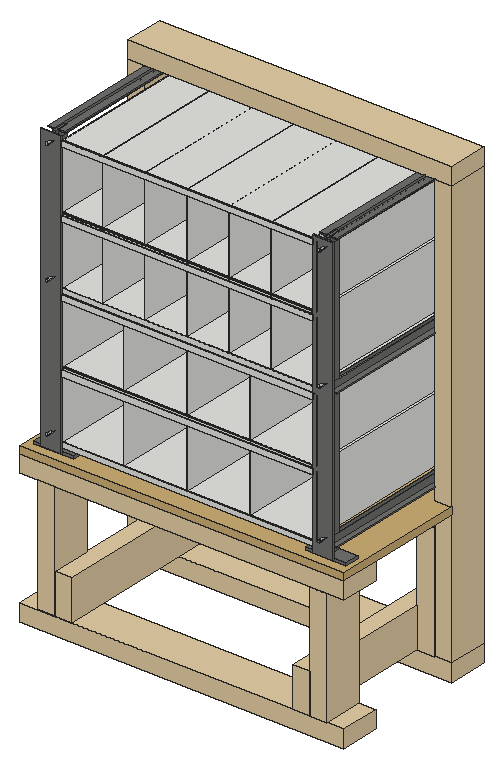
Revit family "Mailboxes_Aluminum-Rack_Ladder_System-Salsbury_Industries-2_Unit_High_Wall_Installation", category Specialty Equipment, host Wall, Revit 2016
Family settings
  Host = Wall
  Part Type = Normal
  Round Connector Dimension = Use Diameter
  OmniClass Number = 23.40.90.14.11
  OmniClass Title = Mail Boxes
  Always vertical = Yes
  Cut with Voids When Loaded = No
  Shared = No
  Room Calculation Point = No
Parameters (values of type "Single Column Installation-2200 Series Mailboxes-2 High")
  Version = "2.0 (06/30/18)"
  URL = "www.mailboxes.com"
  Type Comments = "Rack Ladder System for Aluminum Mailbox Units"
  Trim Material = Steel - Salsbury Finish - Black
  Starter and Add On Configuration (not applicable) = yes
  Starter Configuration (not applicable) = yes
  Rough Opening Width = 25.375"
  Rough Opening Height = 25.250"
  Rack Ladder Spacing = 23.875"
  Right RO Offset = 1.500"
  Rack Ladder Offset = 0.750"
  Rack Ladder Height = Rack Ladder Units : 2200C2
  Platform Material = Plywood
  OmniClass 23 Title = "Mail Boxes"
  OmniClass 23 Number = "23.40.90.14.11"
  Model = "2200 Series"
  MasterFormat Title = "Postal Specialties"
  MasterFormat Number = "10 55 00"
  Manufacturer = "Salsbury Industries"
  Lock Material = Stainless Steel -Salsbury Finish - Polished
  Left RO Offset = 1.500"
  Front Panel Material = Aluminum - Salsbury Finish - Aluminum
  End Column and Add On Configuration (not applicable) = yes
  Description = "2 Unit High  Installation - Single Column"
  Base Height [instance] = 13.780"
  Base Depth = 16.000"
  Back Enclosure Material = Steel - Salsbury Finish - Clear
  Assembly Code = "C1030910"
  2x4 Platform Support = Softwood, Lumber
  2200 Series Mailbox - Location 2 [instance] = 2200_Series_Aluminum_Mailboxes_Rack_Ladder_Units : 2212
  2200 Series Mailbox - Location 1 [instance] = 2200_Series_Aluminum_Mailboxes_Rack_Ladder_Units : 2208
Reference planes (in)
  plane 1 "Center of Wall": y = 0
  plane 2 "Center (Left/Right)": x = 0
  plane 3 "Front Face of Wall": y = 2.4375
  plane 4 "Left Side of RO": x = 12.6875
  plane 5 "Right Side of RO": x = -12.6875
  plane 6 "Top of RO": z = 39.03
  plane 7 "Bottom of RO": z = 13.78
  plane 8 "Back of Platform": y = -13.5625
  plane 9 "Floor": z = 0
  plane 10 "Back Face of Wall": y = -2.4375
  plane 11: y = -9.0625
  plane 12 "Base-Back Bottom Frame": z = 1.5
  plane 13 "Base-Back TopFrame": z = 11.655
  plane 14 "Base Center-Back TopFrame": z = 12.405
  plane 15 "Base Center-Back Bottom Frame": z = 0.75
  plane 16 "Bottom of Platform": z = 13.155
  plane 17 "Brace/Support Align-Right": x = -11.1875
  plane 18 "Brace/Support Align-Left": x = 11.1875
  plane 19 "Wall Opening Extension - Left": x = 14.1875
  plane 20 "Wall Opening Extension - Right": x = -14.1875
  plane 21 "Wall Opening Extension - Top": z = 40.53
  plane 22 "Right Rack Ladder Align": x = -11.9375
  plane 23 "Left Rack Ladder Align": x = 11.9375
  plane 24: z = 5
  plane 25: y = -1.75
  plane 26: y = 1.75
  plane 27 "Mail Align 1": z = 14.7175
  plane 28: z = 26.8425
  plane 29: z = 38.9675
  plane 30: z = 51.0925
  plane 31: z = 63.2175
  plane 32: z = 75.3425
  plane 33 "Center of Mailboxes": x = 0
  plane 34 "Mailbox Side Align": x = 11.5935
  plane 35: x = -12.6875
  plane 36: x = 12.6875
  plane 37: y = 2.0625
  plane 38: x = 9.6875
  plane 39: x = -9.6875
  plane 40: y = -10.0625
  plane 41 "15"AFF - Low Reach Limit": z = 15
Forms (in)
  Extrusion 1, void
    sketch origin (0, 0, 0) x (1, 0, 0) y (0, 0, 1)
      loop
        line (12.6875, 39.03) -> (-12.6875, 39.03) -> (-12.6875, 13.78) -> (12.6875, 13.78) -> (12.6875, 39.03)
    from -2.4375 to 2.4375
  Extrusion 2, void
    sketch origin (0, -2.4375, 0) x (-1, 0, 0) y (0, 0, 1)
      loop
        line (12.6875, 13.78) -> (-12.6875, 13.78) -> (-12.6875, 0) -> (12.6875, 0) -> (12.6875, 13.78)
    from 0 to 4.5
  Extrusion 3, solid, material "Softwood, Lumber" <- "2x4 Platform Support"
    sketch origin (0, 0, 0) x (1, 0, 0) y (0, 1, 0)
      loop
        line (14.1875, -13.5625) -> (14.1875, -10.0625) -> (-14.1875, -10.0625) -> (-14.1875, -13.5625) -> (14.1875, -13.5625)
    from 0 to 1.5
  Extrusion 4, solid, material "Softwood, Lumber" <- "2x4 Platform Support"
    sketch origin (0, 11.8125, 0) x (1, 0, 0) y (0, 1, 0)
      loop
        line (14.1875, -13.5625) -> (14.1875, -10.0625) -> (-14.1875, -10.0625) -> (-14.1875, -13.5625) -> (14.1875, -13.5625)
    from 0 to 1.5
  Extrusion 5, solid, material "Softwood, Lumber" <- "2x4 Platform Support"
    sketch origin (0, 0, 11.655) x (1, 0, 0) y (0, 1, 0)
      loop
        line (14.1875, -13.5625) -> (14.1875, -10.0625) -> (-14.1875, -10.0625) -> (-14.1875, -13.5625) -> (14.1875, -13.5625)
    from 0 to 1.5
  Extrusion 6, solid, material "Softwood, Lumber" <- "2x4 Platform Support"
    sketch origin (0, 0, 11.655) x (1, 0, 0) y (0, 1, 0)
      loop
        line (12.6875, -1.75) -> (12.6875, 1.75) -> (-12.6875, 1.75) -> (-12.6875, -1.75) -> (12.6875, -1.75)
    from 0 to 1.5
  Extrusion 7, solid, material "Softwood, Lumber" <- "2x4 Platform Support"
    sketch origin (-12.6875, 0, 0) x (0, 0, -1) y (0, 1, 0)
      loop
        line (-11.655, -13.5625) -> (-1.5, -13.5625) -> (-1.5, -10.0625) -> (-11.655, -10.0625) -> (-11.655, -13.5625)
    from 0 to 1.5
  Extrusion 8, solid, material "Softwood, Lumber" <- "2x4 Platform Support"
    sketch origin (-12.6875, 0, 0) x (0, 0, -1) y (0, 1, 0)
      loop
        line (-11.655, -1.75) -> (-1.5, -1.75) -> (-1.5, 1.75) -> (-11.655, 1.75) -> (-11.655, -1.75)
    from 0 to 1.5
  Extrusion 9, solid, material "Softwood, Lumber" <- "2x4 Platform Support", visible <- "End Column and Add On Configuration (not applicable)"
    sketch origin (12.6875, 0, 0) x (0, 0, -1) y (0, 1, 0)
      loop
        line (-11.655, -13.5625) -> (-1.5, -13.5625) -> (-1.5, -10.0625) -> (-11.655, -10.0625) -> (-11.655, -13.5625)
    from 0 to -1.5
  Extrusion 10, solid, material "Softwood, Lumber" <- "2x4 Platform Support", visible <- "End Column and Add On Configuration (not applicable)"
    sketch origin (12.6875, 0, 0) x (0, 0, -1) y (0, 1, 0)
      loop
        line (-11.655, -1.75) -> (-1.5, -1.75) -> (-1.5, 1.75) -> (-11.655, 1.75) -> (-11.655, -1.75)
    from 0 to -1.5
  Extrusion 11, solid, material "Softwood, Lumber" <- "2x4 Platform Support"
    sketch origin (-11.1875, 0, 0) x (0, 0, -1) y (0, -1, 0)
      loop
        line (-1.5, 13.5625) -> (-5, 13.5625) -> (-5, -1.75) -> (-1.5, -1.75) -> (-1.5, 13.5625)
    from 0 to -1.5
  Extrusion 12, solid, material "Softwood, Lumber" <- "2x4 Platform Support", visible <- "End Column and Add On Configuration (not applicable)"
    sketch origin (11.1875, 0, 0) x (0, 0, -1) y (0, -1, 0)
      loop
        line (-1.5, 13.5625) -> (-5, 13.5625) -> (-5, -1.75) -> (-1.5, -1.75) -> (-1.5, 13.5625)
    from 0 to 1.5
  Extrusion 13, void
    sketch origin (0, 0, 40.53) x (0, -1, 0) y (1, 0, 0)
      loop
        line (2.4375, -14.1875) -> (2.4375, 14.1875) -> (-2.06201, 14.1875) -> (-2.06201, -14.1875) -> (2.4375, -14.1875)
    from -40.53 to 0
  Extrusion 14, solid, material "Softwood, Lumber" <- "2x4 Platform Support", visible <- "End Column and Add On Configuration (not applicable)"
    sketch origin (14.1875, 0, 0) x (0, -1, 0) y (0, 0, 1)
      loop
        line (1.75, 1.5) -> (1.75, 39.03) -> (-1.75, 39.03) -> (-1.75, 1.5) -> (1.75, 1.5)
    from 0 to 1.5
  Extrusion 15, solid, material "Softwood, Lumber" <- "2x4 Platform Support", visible <- "Starter and Add On Configuration (not applicable)"
    sketch origin (-14.1875, 0, 0) x (0, -1, 0) y (0, 0, 1)
      loop
        line (1.75, 1.5) -> (1.75, 39.03) -> (-1.75, 39.03) -> (-1.75, 1.5) -> (1.75, 1.5)
    from 0 to -1.5
  Extrusion 16, solid, material "Softwood, Lumber" <- "2x4 Platform Support"
    sketch origin (0, 11.8125, 40.53) x (0, -1, 0) y (1, 0, 0)
      loop
        line (13.5625, 14.1875) -> (10.0625, 14.1875) -> (10.0625, -14.1875) -> (13.5625, -14.1875) -> (13.5625, 14.1875)
    from 0 to -1.5
  Extrusion 17, solid, material "Plywood" <- "Platform Material"
    sketch origin (0, 0, 13.155) x (0, -1, 0) y (1, 0, 0)
      loop
        line (13.5625, -14.1875) -> (13.5625, 14.1875) -> (-2.0625, 14.1875) -> (-2.0625, -14.1875) -> (13.5625, -14.1875)
    from 0 to 0.625
  Extrusion 18, void
    sketch origin (-12.6875, 0, 0) x (0, 0, -1) y (0, 1, 0)
      loop
        line (-13.155, 2.0625) -> (-13.78, 2.0625) -> (-13.78, -1.75) -> (-13.155, -1.75) -> (-13.155, 2.0625)
    from 0 to -1.5
  Extrusion 19, void
    sketch origin (12.6875, 0, 0) x (0, 0, -1) y (0, 1, 0)
      loop
        line (-13.155, 2.0625) -> (-13.78, 2.0625) -> (-13.78, -1.75) -> (-13.155, -1.75) -> (-13.155, 2.0625)
    from 0 to 1.5
Cuts and joins
  Extrusion 18 cuts Extrusion 6
  Extrusion 18, Extrusion 19 cuts Extrusion 17
Lines and regions (in)
  symbolic lines
    curve 1: line (-14.1875, -13.5625, 14.7175) -> (14.1875, -13.5625, 14.7175)
    curve 2: line (-14.1875, 1.75, 14.7175) -> (-14.1875, -13.5625, 14.7175)
    curve 3: line (14.1875, 1.75, 14.7175) -> (-14.1875, 1.75, 14.7175)
    curve 4: line (14.1875, -13.5625, 14.7175) -> (14.1875, 1.75, 14.7175)
    curve 5: line (-14.1875, -1.75, 14.7175) -> (14.1875, -1.75, 14.7175)
    curve 6: line (-12.6875, -1.75, 40.53) -> (-12.6875, 1.75, 40.53)
    curve 7: line (-12.6875, -1.75, 0) -> (-12.6875, -1.75, 40.53)
    curve 8: line (-12.6875, 1.75, 0) -> (-12.6875, -1.75, 0)
    curve 9: line (-12.6875, 1.75, 40.53) -> (-12.6875, 1.75, 0)
    curve 10: line (-12.6875, -13.5625, 13.155) -> (-12.6875, -10.0625, 13.155)
    curve 11: line (-12.6875, -13.5625, 0) -> (-12.6875, -13.5625, 13.155)
    curve 12: line (-12.6875, -10.0625, 0) -> (-12.6875, -13.5625, 0)
    curve 13: line (-12.6875, -10.0625, 13.155) -> (-12.6875, -10.0625, 0)
    curve 14: line (-12.6875, -13.5625, 11.655) -> (-12.6875, -10.0625, 11.655)
    curve 15: line (-12.6875, -13.5625, 1.5) -> (-12.6875, 1.75, 1.5)
    curve 16: line (-12.6875, -10.0625, 5) -> (-12.6875, -1.75, 5)
    curve 17: line (-12.6875, -13.5625, 13.78) -> (-12.6875, -1.75, 13.78)
    curve 18: line (-12.6875, -13.5625, 13.155) -> (-12.6875, -13.5625, 13.78)
    curve 19: line (-12.6875, -1.75, 13.155) -> (-12.6875, -13.5625, 13.155)
    curve 20: line (-12.6875, -1.75, 39.03) -> (-12.6875, 1.75, 39.03)
    curve 21: line (-14.1875, 0, 40.53) -> (14.1875, 0, 40.53)
    curve 22: line (-14.1875, 0, 39.03) -> (-14.1875, 0, 40.53)
    curve 23: line (14.1875, 0, 39.03) -> (-14.1875, 0, 39.03)
    curve 24: line (14.1875, 0, 40.53) -> (14.1875, 0, 39.03)
    curve 25: line (-14.1875, 0, 39.03) -> (-14.1875, 0, 1.5)
    curve 26: line (14.1875, 0, 39.03) -> (14.1875, 0, 1.5)
    curve 27: line (-14.1875, 0, 0) -> (14.1875, 0, 0)
    curve 28: line (-14.1875, 0, 1.5) -> (-14.1875, 0, 0)
    curve 29: line (14.1875, 0, 1.5) -> (-14.1875, 0, 1.5)
    curve 30: line (14.1875, 0, 0) -> (14.1875, 0, 1.5)
    curve 31: line (-14.1875, 0, 13.155) -> (14.1875, 0, 13.155)
    curve 32: line (-14.1875, 0, 13.78) -> (14.1875, 0, 13.78)
    curve 33: line (14.1875, 0, 11.655) -> (-14.1875, 0, 11.655)
    curve 34: line (-12.6875, 0, 1.5) -> (-12.6875, 0, 11.655)
    curve 35: line (-11.1875, 0, 1.5) -> (-11.1875, 0, 11.655)
    curve 36: line (-9.6875, 0, 1.5) -> (-9.6875, 0, 5)
    curve 37: line (-11.1875, 0, 5) -> (-9.6875, 0, 5)
    curve 38: line (11.1875, 0, 1.5) -> (11.1875, 0, 11.655)
    curve 39: line (12.6875, 0, 1.5) -> (12.6875, 0, 11.655)
    curve 40: line (9.6875, 0, 1.5) -> (9.6875, 0, 5)
    curve 41: line (11.1875, 0, 5) -> (9.6875, 0, 5)
Text (in)
  text "Placement Side" at (0, 40.15149, 123.01588), in view "Right"
  text "Placement Side" at (-58.6842, 42.74981, 0), in view "Ref. Level"
  text "Placement Side" at (0, 47.49176, 140.59947), in view "Left"
Dimensions and locks (in)
  locked: plane 3 "Front Face of Wall" to host wall
  equal spacing: plane 4 "Left Side of RO", plane 2 "Center (Left/Right)", plane 5 "Right Side of RO"
  "Rough Opening Width": plane 4 "Left Side of RO" to plane 5 "Right Side of RO"
  "Rough Opening Height": plane 7 "Bottom of RO" to plane 6 "Top of RO"
  "Base Height": plane 9 "Floor" to plane 7 "Bottom of RO"
  "Base Depth": plane 8 "Back of Platform" to plane 3 "Front Face of Wall"
  plane 8 "Back of Platform" to plane 11 = 4.500"
  plane 24 to plane 12 "Base-Back Bottom Frame" to plane 15 "Base Center-Back Bottom Frame" to plane 9 "Floor" = 3.500", 0.750", 0.750"
  plane 7 "Bottom of RO" to plane 16 "Bottom of Platform" to plane 14 "Base Center-Back TopFrame" to plane 13 "Base-Back TopFrame" = 0.625", 0.750", 0.750"
  plane 5 "Right Side of RO" to plane 17 "Brace/Support Align-Right" to plane 39 = 1.500" locked, 1.500" locked
  plane 38 to plane 18 "Brace/Support Align-Left" to plane 4 "Left Side of RO" = 1.500" locked, 1.500" locked
  "Left RO Offset": plane 4 "Left Side of RO" to plane 19 "Wall Opening Extension - Left"
  "Right RO Offset": plane 20 "Wall Opening Extension - Right" to plane 5 "Right Side of RO"
  locked: plane 21 "Wall Opening Extension - Top" to plane 6 "Top of RO" at 1.5
  "Rack Ladder Spacing": plane 22 "Right Rack Ladder Align" to plane 23 "Left Rack Ladder Align"
  plane 25 to plane 1 "Center of Wall" to plane 26 = 1.750", 1.750"
  "Rack Ladder Offset": plane 22 "Right Rack Ladder Align" to plane 5 "Right Side of RO"
  plane 32 to plane 31 to plane 30 to plane 29 to plane 28 to plane 27 "Mail Align 1" to plane 7 "Bottom of RO" = 12.125", 12.125", 12.125", 12.125", 12.125", 0.9375"
  equal spacing: plane 22 "Right Rack Ladder Align", plane 33 "Center of Mailboxes", plane 23 "Left Rack Ladder Align"
  locked: plane 34 "Mailbox Side Align" to plane 23 "Left Rack Ladder Align" at 0.344
  locked: plane 20 "Wall Opening Extension - Right" to plane 35 at 1.5
  locked: plane 36 to plane 19 "Wall Opening Extension - Left" at 1.5
  locked: plane 37 to plane 3 "Front Face of Wall" at 0.375
  locked: plane 41 "15"AFF - Low Reach Limit" to plane 9 "Floor" at 15
  aligned and locked: plane 9 "Floor" to level
  aligned and locked: plane 6 "Top of RO" to Extrusion 1 sketch curve
  aligned and locked: plane 5 "Right Side of RO" to Extrusion 1 sketch curve
  aligned and locked: Extrusion 1 sketch curve to plane 4 "Left Side of RO"
  aligned and locked: Extrusion 1 sketch curve to plane 7 "Bottom of RO"
  aligned and locked: host wall to Extrusion 1  (x2)
  aligned and locked: plane 10 "Back Face of Wall" to host wall
  aligned and locked: plane 7 "Bottom of RO" to Extrusion 2 sketch curve
  aligned and locked: Extrusion 2 sketch curve to plane 4 "Left Side of RO"
  aligned and locked: plane 5 "Right Side of RO" to Extrusion 2 sketch curve
  aligned and locked: Extrusion 2 sketch curve to plane 9 "Floor"
  aligned and locked: Extrusion 3 to plane 12 "Base-Back Bottom Frame"
  aligned and locked: plane 4 "Left Side of RO" to Extrusion 6
  aligned and locked: Extrusion 6 to plane 5 "Right Side of RO"
  aligned and locked: plane 12 "Base-Back Bottom Frame" to Extrusion 7
  aligned and locked: Extrusion 7 to plane 13 "Base-Back TopFrame"
  aligned and locked: plane 13 "Base-Back TopFrame" to Extrusion 5
  aligned and locked: plane 12 "Base-Back Bottom Frame" to Extrusion 8
  aligned and locked: plane 12 "Base-Back Bottom Frame" to Extrusion 9
  aligned and locked: plane 12 "Base-Back Bottom Frame" to Extrusion 10
  aligned and locked: Extrusion 9 to plane 13 "Base-Back TopFrame"
  aligned and locked: Extrusion 10 to plane 13 "Base-Back TopFrame"
  aligned and locked: Extrusion 4 to Extrusion 12
  aligned and locked: Extrusion 4 to Extrusion 11
  aligned and locked: Extrusion 13 sketch curve to plane 20 "Wall Opening Extension - Right"
  aligned and locked: plane 19 "Wall Opening Extension - Left" to Extrusion 13 sketch curve
  aligned and locked: Extrusion 4 to plane 19 "Wall Opening Extension - Left"
  aligned and locked: plane 20 "Wall Opening Extension - Right" to Extrusion 4
  aligned and locked: Extrusion 17 to plane 7 "Bottom of RO"
  aligned and locked: Extrusion 13 to level
  aligned and locked: plane 24 to Extrusion 12
  aligned and locked: Extrusion 11 to plane 24
  aligned and locked: nested 1 to plane 7 "Bottom of RO"
  aligned and locked: nested 2 to plane 23 "Left Rack Ladder Align"
  aligned and locked: nested 1 to plane 22 "Right Rack Ladder Align"
  aligned and locked: plane 7 "Bottom of RO" to nested 2
  aligned and locked: plane 3 "Front Face of Wall" to nested 1
  aligned and locked: nested 2 to plane 3 "Front Face of Wall"
  aligned and locked: Extrusion 5 to Extrusion 4
  aligned and locked: Extrusion 5 to plane 19 "Wall Opening Extension - Left"
  aligned and locked: Extrusion 5 to Extrusion 17
  aligned and locked: Extrusion 17 to Extrusion 5
  aligned and locked: Extrusion 4 to Extrusion 3  (x2)
  aligned and locked: Extrusion 4 to plane 12 "Base-Back Bottom Frame"
  aligned and locked: plane 12 "Base-Back Bottom Frame" to Extrusion 15
  aligned and locked: Extrusion 15 to plane 6 "Top of RO"
  aligned and locked: Extrusion 14 to plane 6 "Top of RO"
  aligned and locked: Extrusion 16 to plane 19 "Wall Opening Extension - Left"
  aligned and locked: plane 20 "Wall Opening Extension - Right" to Extrusion 16
  aligned and locked: Extrusion 17 to Extrusion 3  (x2)
  aligned and locked: plane 25 to Extrusion 4
  aligned and locked: Extrusion 4 to plane 26
  aligned and locked: plane 25 to Extrusion 14
  aligned and locked: Extrusion 14 to plane 26
  aligned and locked: Extrusion 10 to plane 26
  aligned and locked: plane 25 to Extrusion 10
  aligned and locked: plane 25 to cut or joined group of Extrusion 6, Extrusion 18
  aligned and locked: cut or joined group of Extrusion 6, Extrusion 18 to plane 26
  aligned and locked: plane 25 to Extrusion 8
  aligned and locked: Extrusion 8 to plane 26
  aligned and locked: Extrusion 16 to plane 26  (x2)
  aligned and locked: plane 25 to Extrusion 16
  aligned and locked: cut or joined group of Extrusion 17, Extrusion 18, Extrusion 19 to Extrusion 18
  aligned and locked: Extrusion 18 to Extrusion 4
  aligned and locked: Extrusion 19 to cut or joined group of Extrusion 17, Extrusion 18, Extrusion 19
  aligned and locked: Extrusion 4 to Extrusion 19
  aligned and locked: plane 3 "Front Face of Wall" to nested 4
  aligned and locked: plane 27 "Mail Align 1" to nested 3
  aligned and locked: plane 28 to nested 4
  aligned and locked: nested 3 to plane 3 "Front Face of Wall"
  aligned and locked: nested 4 to plane 34 "Mailbox Side Align"
  aligned and locked: nested 3 to plane 34 "Mailbox Side Align"
  aligned and locked: Extrusion 15 to plane 26
  aligned and locked: plane 25 to Extrusion 15
  aligned and locked: plane 25 to Extrusion 15 sketch curve
  aligned and locked: Extrusion 15 sketch curve to plane 26
  aligned and locked: Extrusion 15 sketch curve to plane 6 "Top of RO"
  aligned and locked: plane 12 "Base-Back Bottom Frame" to Extrusion 15 sketch curve
  aligned and locked: Extrusion 15 to plane 35
  aligned and locked: plane 20 "Wall Opening Extension - Right" to Extrusion 15
  aligned and locked: plane 12 "Base-Back Bottom Frame" to Extrusion 14 sketch curve
  aligned and locked: plane 25 to Extrusion 14 sketch curve
  aligned and locked: Extrusion 14 sketch curve to plane 26
  aligned and locked: Extrusion 14 sketch curve to plane 6 "Top of RO"
  aligned and locked: Extrusion 14 to plane 36
  aligned and locked: Extrusion 14 to plane 19 "Wall Opening Extension - Left"
  aligned and locked: plane 26 to Extrusion 16 sketch curve
  aligned and locked: Extrusion 16 sketch curve to plane 20 "Wall Opening Extension - Right"
  aligned and locked: Extrusion 16 sketch curve to plane 25
  aligned and locked: plane 19 "Wall Opening Extension - Left" to Extrusion 16 sketch curve
  aligned and locked: Extrusion 16 to plane 21 "Wall Opening Extension - Top"
  aligned and locked: plane 6 "Top of RO" to Extrusion 16
  aligned and locked: plane 20 "Wall Opening Extension - Right" to Extrusion 17 sketch curve
  aligned and locked: Extrusion 17 sketch curve to plane 19 "Wall Opening Extension - Left"
  aligned and locked: plane 8 "Back of Platform" to Extrusion 17 sketch curve
  aligned and locked: plane 37 to Extrusion 17 sketch curve
  aligned and locked: plane 16 "Bottom of Platform" to cut or joined group of Extrusion 17, Extrusion 18, Extrusion 19
  aligned and locked: plane 5 "Right Side of RO" to Extrusion 6 sketch curve
  aligned and locked: plane 26 to Extrusion 6 sketch curve
  aligned and locked: Extrusion 6 sketch curve to plane 25
  aligned and locked: Extrusion 6 sketch curve to plane 4 "Left Side of RO"
  aligned and locked: plane 13 "Base-Back TopFrame" to cut or joined group of Extrusion 6, Extrusion 18
  aligned and locked: cut or joined group of Extrusion 6, Extrusion 18 to plane 16 "Bottom of Platform"
  aligned and locked: plane 40 to Extrusion 5 sketch curve
  aligned and locked: Extrusion 5 sketch curve to plane 8 "Back of Platform"
  aligned and locked: Extrusion 5 sketch curve to plane 20 "Wall Opening Extension - Right"
  aligned and locked: plane 19 "Wall Opening Extension - Left" to Extrusion 5 sketch curve
  aligned and locked: Extrusion 5 to plane 16 "Bottom of Platform"
  aligned and locked: plane 13 "Base-Back TopFrame" to Extrusion 8 sketch curve
  aligned and locked: Extrusion 8 sketch curve to plane 25
  aligned and locked: plane 26 to Extrusion 8 sketch curve
  aligned and locked: Extrusion 8 sketch curve to plane 12 "Base-Back Bottom Frame"
  aligned and locked: Extrusion 8 to plane 17 "Brace/Support Align-Right"
  aligned and locked: Extrusion 8 to plane 5 "Right Side of RO"
  aligned and locked: plane 13 "Base-Back TopFrame" to Extrusion 7 sketch curve
  aligned and locked: Extrusion 7 sketch curve to plane 12 "Base-Back Bottom Frame"
  aligned and locked: plane 40 to Extrusion 7 sketch curve
  aligned and locked: Extrusion 7 sketch curve to plane 8 "Back of Platform"
  aligned and locked: Extrusion 7 to plane 17 "Brace/Support Align-Right"
  aligned and locked: Extrusion 7 to plane 5 "Right Side of RO"
  aligned and locked: Extrusion 11 sketch curve to plane 24
  aligned and locked: plane 12 "Base-Back Bottom Frame" to Extrusion 11 sketch curve
  aligned and locked: plane 8 "Back of Platform" to Extrusion 11 sketch curve
  aligned and locked: Extrusion 11 sketch curve to plane 26
  aligned and locked: plane 39 to Extrusion 11
  aligned and locked: plane 17 "Brace/Support Align-Right" to Extrusion 11
  aligned and locked: plane 13 "Base-Back TopFrame" to Extrusion 10 sketch curve
  aligned and locked: Extrusion 10 sketch curve to plane 12 "Base-Back Bottom Frame"
  aligned and locked: Extrusion 10 sketch curve to plane 25
  aligned and locked: plane 26 to Extrusion 10 sketch curve
  aligned and locked: plane 4 "Left Side of RO" to Extrusion 10
  aligned and locked: plane 18 "Brace/Support Align-Left" to Extrusion 10
  aligned and locked: plane 13 "Base-Back TopFrame" to Extrusion 9 sketch curve
  aligned and locked: Extrusion 9 sketch curve to plane 12 "Base-Back Bottom Frame"
  aligned and locked: plane 40 to Extrusion 9 sketch curve
  aligned and locked: Extrusion 9 sketch curve to plane 8 "Back of Platform"
  aligned and locked: plane 4 "Left Side of RO" to Extrusion 9
  aligned and locked: plane 18 "Brace/Support Align-Left" to Extrusion 9
  aligned and locked: Extrusion 12 sketch curve to plane 26
  aligned and locked: Extrusion 12 sketch curve to plane 24
  aligned and locked: plane 12 "Base-Back Bottom Frame" to Extrusion 12 sketch curve
  aligned and locked: plane 8 "Back of Platform" to Extrusion 12 sketch curve
  aligned and locked: Extrusion 12 to plane 18 "Brace/Support Align-Left"
  aligned and locked: Extrusion 12 to plane 38
  aligned and locked: plane 26 to Extrusion 4 sketch curve
  aligned and locked: Extrusion 4 sketch curve to plane 25
  aligned and locked: plane 19 "Wall Opening Extension - Left" to Extrusion 4 sketch curve
  aligned and locked: Extrusion 4 sketch curve to plane 20 "Wall Opening Extension - Right"
  aligned and locked: plane 9 "Floor" to Extrusion 4
  aligned and locked: plane 40 to Extrusion 3 sketch curve
  aligned and locked: Extrusion 3 sketch curve to plane 8 "Back of Platform"
  aligned and locked: plane 19 "Wall Opening Extension - Left" to Extrusion 3 sketch curve
  aligned and locked: Extrusion 3 sketch curve to plane 20 "Wall Opening Extension - Right"
  aligned and locked: plane 9 "Floor" to Extrusion 3
  aligned and locked: plane 8 "Back of Platform" to curve 1
  aligned and locked: plane 20 "Wall Opening Extension - Right" to curve 2
  aligned and locked: curve 4 to plane 19 "Wall Opening Extension - Left"
  aligned and locked: plane 20 "Wall Opening Extension - Right" to curve 5
  aligned and locked: plane 19 "Wall Opening Extension - Left" to curve 5
  aligned and locked: plane 25 to curve 5
  aligned and locked: curve 7 to plane 25
  aligned and locked: plane 21 "Wall Opening Extension - Top" to curve 6
  aligned and locked: plane 26 to curve 9
  aligned and locked: curve 8 to plane 9 "Floor"
  aligned and locked: curve 12 to plane 9 "Floor"
  aligned and locked: plane 40 to curve 13
  aligned and locked: curve 11 to plane 8 "Back of Platform"
  aligned and locked: plane 16 "Bottom of Platform" to curve 10
  aligned and locked: plane 13 "Base-Back TopFrame" to curve 14
  aligned and locked: plane 12 "Base-Back Bottom Frame" to curve 15
  aligned and locked: plane 40 to curve 16
  aligned and locked: plane 25 to curve 16
  aligned and locked: plane 24 to curve 16
  aligned and locked: plane 7 "Bottom of RO" to curve 17
  aligned and locked: curve 19 to plane 16 "Bottom of Platform"
  aligned and locked: curve 18 to plane 8 "Back of Platform"
  aligned and locked: plane 26 to curve 20
  aligned and locked: plane 6 "Top of RO" to curve 20
  aligned and locked: curve 23 to plane 6 "Top of RO"
  aligned and locked: plane 21 "Wall Opening Extension - Top" to curve 21
  aligned and locked: plane 19 "Wall Opening Extension - Left" to curve 24
  aligned and locked: curve 22 to plane 20 "Wall Opening Extension - Right"
  aligned and locked: plane 6 "Top of RO" to curve 25
  aligned and locked: plane 12 "Base-Back Bottom Frame" to curve 25
  aligned and locked: plane 19 "Wall Opening Extension - Left" to curve 26
  aligned and locked: curve 29 to plane 12 "Base-Back Bottom Frame"
  aligned and locked: plane 9 "Floor" to curve 27
  aligned and locked: plane 20 "Wall Opening Extension - Right" to curve 28
  aligned and locked: curve 30 to plane 19 "Wall Opening Extension - Left"
  aligned and locked: plane 16 "Bottom of Platform" to curve 31
  aligned and locked: plane 20 "Wall Opening Extension - Right" to curve 33
  aligned and locked: plane 19 "Wall Opening Extension - Left" to curve 33
  aligned and locked: plane 7 "Bottom of RO" to curve 32
  aligned and locked: curve 33 to plane 13 "Base-Back TopFrame"
  aligned and locked: plane 24 to curve 36
  aligned and locked: curve 34 to plane 35
  aligned and locked: curve 35 to plane 17 "Brace/Support Align-Right"
  aligned and locked: plane 39 to curve 36
  aligned and locked: plane 17 "Brace/Support Align-Right" to curve 37
  aligned and locked: plane 39 to curve 37
  aligned and locked: plane 24 to curve 37
  aligned and locked: plane 13 "Base-Back TopFrame" to curve 39
  aligned and locked: plane 24 to curve 40
  aligned and locked: curve 39 to plane 36
  aligned and locked: curve 38 to plane 18 "Brace/Support Align-Left"
  aligned and locked: plane 38 to curve 40
  aligned and locked: plane 18 "Brace/Support Align-Left" to curve 41
  aligned and locked: plane 38 to curve 41
  aligned and locked: curve 41 to plane 24
Automatic sketch dimensions
  host wall to Extrusion 13 sketch curve = 0.000"
  Extrusion 13 sketch curve to host wall = 0.37549"
  plane 7 "Bottom of RO" to Extrusion 18 sketch curve = 0.000"
  plane 16 "Bottom of Platform" to Extrusion 18 sketch curve = 0.000"
  Extrusion 18 sketch curve to host wall = 0.6875"
  Extrusion 18 sketch curve to host wall = 0.375"
  plane 7 "Bottom of RO" to Extrusion 19 sketch curve = 0.000"
  plane 16 "Bottom of Platform" to Extrusion 19 sketch curve = 0.000"
  Extrusion 19 sketch curve to host wall = 0.6875"
  Extrusion 19 sketch curve to host wall = 0.375"
  plane 26 to curve 4 = 0.000"
Nested families (in)
  nested 1: "Rack Ladder Units" at (-11.9375, -5.125, 13.78), type <- "Rack Ladder Height", type "2200C2"
  nested 2: "Rack Ladder Units" at (11.9375, -5.125, 13.78) x (-1, 0, 0) z (0, 0, 1), type <- "Rack Ladder Height", visible <- "End Column and Add On Configuration (not applicable)", type "2200C2"
  nested 3: "2200_Series_Aluminum_Mailboxes_Rack_Ladder_Units" at (-0.0315, -5.3125, 14.7175) x (-1, 0, 0) z (0, 0, 1), type <- "2200 Series Mailbox - Location 1", type "2208"
    with Door Slot #9 Number "9", Door Slot #8 Number "8", Door Slot #7 Number "7", Door Slot #6 Number "6", Door Slot #5 Number "5", Door Slot #4 Number "4", Door Slot #3 Number "3", Door Slot #2 Number "2", Door Slot #17 Number "0", Door Slot #16 Number "0", Door Slot #15 Number "0", Door Slot #14 Number "0", Door Slot #13 Number "0", Door Slot #12 Number "1\r\n2", Door Slot #11 Number "1\r\n1", Door Slot #10 Number "1\r\n0", Door Slot #1 Number "1", Door Numbers yes
  nested 4: "2200_Series_Aluminum_Mailboxes_Rack_Ladder_Units" at (-0.0315, -5.3125, 26.8425) x (-1, 0, 0) z (0, 0, 1), type <- "2200 Series Mailbox - Location 2", type "2212"
    with Door Slot #9 Number "9", Door Slot #8 Number "8", Door Slot #7 Number "7", Door Slot #6 Number "6", Door Slot #5 Number "5", Door Slot #4 Number "4", Door Slot #3 Number "3", Door Slot #2 Number "2", Door Slot #17 Number "0", Door Slot #16 Number "0", Door Slot #15 Number "0", Door Slot #14 Number "0", Door Slot #13 Number "0", Door Slot #12 Number "1\r\n2", Door Slot #11 Number "1\r\n1", Door Slot #10 Number "1\r\n0", Door Slot #1 Number "1", Door Numbers yes
Definition of nested family "Rack Ladder Units"
  Parameters (values of type "2200C3")
    Width = 3.500"
    Visible = yes
    Version = "1.0 (04/30/16)"
    Type Comments = "Rack Ladder for Aluminum Mailboxes"
    Trim Material = none
    Number of Dividers = 3
    Model = "2200C3"
    Manufacturer = "Salsbury Industries"
    Lock Material = none
    Height = 37.375"
    Divider Spacing = 24.250"
    Description = "3 High - Custom"
    Depth = 15.875"
  Types (7): name | Visible | Number of Dividers | Model | Height | Divider Spacing | Description
    (no name) | yes | 3 | "2200C3" | 37.375" | 24.250" | "3 High - Custom"
    2200C6 | yes | 6 | "2200C6" | 73.750" | 60.625" | "6 High - Custom"
    2200C5 | yes | 5 | "2200C5" | 61.625" | 48.500" | "5 High - Standard"
    2200C4 | yes | 4 | "2200C4" | 49.500" | 36.375" | "4 High - Custom"
    2200C3 | yes | 3 | "2200C3" | 37.375" | 24.250" | "3 High - Custom"
    2200C2 | yes | 2 | "2200C2" | 25.250" | 12.125" | "2 High - Custom"
    None | no | 2 | "2200C2" | 25.250" | 12.125" | "2 High - Custom"
  Reference planes (in)
    plane 1 "Center (Front/Back)": y = 0
    plane 2 "bottom": z = 0
    plane 3 "Center (Left/Right)": x = 0
    plane 4 "left": y = -7.5625
    plane 5 "right": y = 7.5625
    plane 6 "Bottom of top divider": z = 37.3125
    plane 7 "back": x = -0.625
    plane 8 "front": x = 0.625
    plane 9: z = 0.9375
    plane 10: z = 13.0625
    plane 11: z = 25.1875
    plane 12: z = 37.3125
    plane 13: z = 49.4375
    plane 14: z = 25.1875
    plane 15 "Vertical Bar Base": z = 0.25
    plane 16: y = -6.3125
    plane 17: y = 6.0625
    plane 18: x = 1.75
    plane 19: x = -1.75
    plane 20: x = 0.125
    plane 21: x = -0.125
    plane 22: y = 7.3125
    plane 23 "Divider Left Align": y = -7.3125
    plane 24: x = 0.875
    plane 25: x = -0.875
    plane 26 "Back Plate Align": y = -7.8125
    plane 27 "Divider Right Align": y = 7.0625
    plane 28: y = -7.875
    plane 29: y = -8.3125
    plane 30 "top": z = 37.375
    plane 31: y = 6.3125
  Forms (in)
    Extrusion 1, solid, material <- "Trim Material", visible <- "Visible"
      sketch origin (0, 0, 0) x (1, 0, 0) y (0, 1, 0)
        loop
          line (-1.75, -6.3125) -> (-1.75, -7.5625) -> (1.75, -7.5625) -> (1.75, -6.3125) -> (-1.75, -6.3125)
      from 0 to 0.25
    Extrusion 2, solid, material <- "Trim Material", visible <- "Visible"
      sketch origin (0, -0.125, 0.25) x (1, 0, 0) y (0, 1, 0)
        loop
          line (-0.125, -6.1875) -> (-0.125, -7.4375) -> (0.125, -7.4375) -> (0.125, -6.1875) -> (-0.125, -6.1875)
      from 0 to 37.125
    Extrusion 3, solid, material <- "Trim Material", visible <- "Visible"
      sketch origin (0, 0, 0) x (1, 0, 0) y (0, 1, 0)
        loop
          line (-0.625, 6.3125) -> (1.75, 6.3125) -> (1.75, 7.5625) -> (-0.625, 7.5625) -> (-0.625, 6.3125)
      from 0 to 0.25
    Extrusion 4, solid, material <- "Trim Material", visible <- "Visible"
      sketch origin (0, -0.25, 0.25) x (1, 0, 0) y (0, 1, 0)
        loop
          line (-0.125, 6.3125) -> (0.125, 6.3125) -> (0.125, 7.5625) -> (-0.125, 7.5625) -> (-0.125, 6.3125)
      from 0 to 37.125
    Extrusion 5, solid, material <- "Trim Material", visible <- "Visible"
      sketch origin (0, 0, 0.25) x (1, 0, 0) y (0, 1, 0)
        loop
          line (-0.625, 7.5625) -> (-0.625, 7.3125) -> (0.625, 7.3125) -> (0.625, 7.5625) -> (-0.625, 7.5625)
      from 0 to 37.125
    Extrusion 6, solid, material <- "Trim Material", visible <- "Visible"
      sketch origin (0, -0.4375, 0.25) x (1, 0, 0) y (0, 1, 0)
        loop
          line (-0.875, -7.375) -> (-0.875, -7.4375) -> (0.875, -7.4375) -> (0.875, -7.375) -> (-0.875, -7.375)
      from 0 to 37.125
  Lines and regions (in)
    symbolic lines
      curve 1: line (-1.75, -6.3125, 37.3125) -> (1.75, -6.3125, 37.3125)
      curve 2: line (-1.75, -7.5625, 37.3125) -> (-1.75, -6.3125, 37.3125)
      curve 3: line (1.75, -7.5625, 37.3125) -> (-1.75, -7.5625, 37.3125)
      curve 4: line (1.75, -6.3125, 37.3125) -> (1.75, -7.5625, 37.3125)
      curve 5: line (-0.875, -7.8125, 37.3125) -> (0.875, -7.8125, 37.3125)
      curve 6: line (-0.875, -7.875, 37.3125) -> (-0.875, -7.8125, 37.3125)
      curve 7: line (0.875, -7.875, 37.3125) -> (-0.875, -7.875, 37.3125)
      curve 8: line (0.875, -7.8125, 37.3125) -> (0.875, -7.875, 37.3125)
      curve 9: line (-0.625, 7.5625, 37.3125) -> (1.75, 7.5625, 37.3125)
      curve 10: line (-0.625, 6.3125, 37.3125) -> (-0.625, 7.5625, 37.3125)
      curve 11: line (1.75, 6.3125, 37.3125) -> (-0.625, 6.3125, 37.3125)
      curve 12: line (1.75, 7.5625, 37.3125) -> (1.75, 6.3125, 37.3125)
      curve 13: line (-0.125, -6.3125, 37.3125) -> (0.125, -6.3125, 37.3125)
      curve 14: line (-0.125, -7.5625, 37.3125) -> (-0.125, -6.3125, 37.3125)
      curve 15: line (0.125, -7.5625, 37.3125) -> (-0.125, -7.5625, 37.3125)
      curve 16: line (0.125, -6.3125, 37.3125) -> (0.125, -7.5625, 37.3125)
      curve 17: line (-0.125, 7.3125, 37.3125) -> (0.125, 7.3125, 37.3125)
      curve 18: line (-0.125, 6.0625, 37.3125) -> (-0.125, 7.3125, 37.3125)
      curve 19: line (0.125, 6.0625, 37.3125) -> (-0.125, 6.0625, 37.3125)
      curve 20: line (0.125, 7.3125, 37.3125) -> (0.125, 6.0625, 37.3125)
      curve 21: line (0, -7.5625, 37.375) -> (0, -6.3125, 37.375)
      curve 22: line (0, -7.5625, 0) -> (0, -7.5625, 37.375)
      curve 23: line (0, -6.3125, 0) -> (0, -7.5625, 0)
      curve 24: line (0, -6.3125, 37.375) -> (0, -6.3125, 0)
      curve 25: line (0, 6.0625, 37.375) -> (0, 7.5625, 37.375)
      curve 26: line (0, 6.0625, 0) -> (0, 6.0625, 37.375)
      curve 27: line (0, 7.5625, 0) -> (0, 6.0625, 0)
      curve 28: line (0, 7.5625, 37.375) -> (0, 7.5625, 0)
      curve 29: line (0, -7.875, 37.375) -> (0, -7.8125, 37.375)
      curve 30: line (0, -7.875, 0.25) -> (0, -7.875, 37.375)
      curve 31: line (0, -7.8125, 0.25) -> (0, -7.875, 0.25)
      curve 32: line (0, -7.8125, 37.375) -> (0, -7.8125, 0.25)
      curve 33: line (-0.875, 0, 37.375) -> (0.875, 0, 37.375)
      curve 34: line (-0.875, 0, 0.25) -> (-0.875, 0, 37.375)
      curve 35: line (0.875, 0, 0.25) -> (-0.875, 0, 0.25)
      curve 36: line (0.875, 0, 37.375) -> (0.875, 0, 0.25)
      curve 37: line (-1.75, 0, 0.25) -> (1.75, 0, 0.25)
      curve 38: line (-1.75, 0, 0) -> (-1.75, 0, 0.25)
      curve 39: line (1.75, 0, 0) -> (-1.75, 0, 0)
      curve 40: line (1.75, 0, 0.25) -> (1.75, 0, 0)
  Dimensions and locks (in)
    equal spacing: plane 7 "back", plane 3 "Center (Left/Right)", plane 8 "front"
    locked: plane 7 "back" to plane 8 "front" at 1.25
    equal spacing: plane 4 "left", plane 1 "Center (Front/Back)", plane 5 "right"
    plane 4 "left" to plane 5 "right" = 15.125"
    locked: plane 9 to plane 2 "bottom" at 0.9375
    plane 15 "Vertical Bar Base" to plane 2 "bottom" = 0.250"
    equal spacing: plane 19, plane 3 "Center (Left/Right)", plane 18
    "Width": plane 19 to plane 18
    equal spacing: plane 21, plane 3 "Center (Left/Right)", plane 20
    plane 21 to plane 20 = 0.250"
    plane 17 to plane 22 to plane 5 "right" = 1.250", 0.250"
    plane 29 to plane 28 to plane 26 "Back Plate Align" to plane 4 "left" to plane 23 "Divider Left Align" to plane 16 = 0.4375", 0.0625", 0.250", 0.250", 1.000"
    plane 25 to plane 3 "Center (Left/Right)" to plane 24 = 0.875", 0.875"
    plane 27 "Divider Right Align" to plane 22 = 0.250"
    "Depth": plane 29 to plane 5 "right"
    plane 14 to plane 6 "Bottom of top divider" to plane 30 "top" = 12.125" locked, 0.0625"
    equal spacing: group 1, group 3, group 2  (x3)
    "Divider Spacing": plane 9 to plane 14
    plane 2 "bottom" to plane 30 "top" = 37.375"
    plane 31 to plane 5 "right" = 1.250"
    aligned and locked: level to plane 2 "bottom"
    aligned and locked: nested 2 to plane 9
    aligned and locked: plane 9 to nested 2
    aligned and locked: nested 3 to plane 14
    aligned and locked: plane 6 "Bottom of top divider" to nested 1
    aligned and locked: Extrusion 2 to Extrusion 6
    aligned and locked: Extrusion 5 to Extrusion 4
    aligned and locked: Extrusion 4 to plane 30 "top"
    aligned and locked: Extrusion 2 to plane 30 "top"
    aligned and locked: Extrusion 6 to plane 24
    aligned and locked: plane 25 to Extrusion 6
    aligned and locked: Extrusion 6 sketch curve to plane 28
    aligned and locked: plane 26 "Back Plate Align" to Extrusion 6 sketch curve
    aligned and locked: Extrusion 6 sketch curve to plane 25
    aligned and locked: plane 24 to Extrusion 6 sketch curve
    aligned and locked: plane 15 "Vertical Bar Base" to Extrusion 6
    aligned and locked: plane 17 to Extrusion 4 sketch curve
    aligned and locked: Extrusion 4 sketch curve to plane 20
    aligned and locked: plane 21 to Extrusion 4 sketch curve
    aligned and locked: Extrusion 4 sketch curve to plane 22
    aligned and locked: Extrusion 4 to Extrusion 1
    aligned and locked: plane 5 "right" to Extrusion 5 sketch curve
    aligned and locked: Extrusion 5 sketch curve to plane 22
    aligned and locked: Extrusion 5 sketch curve to plane 7 "back"
    aligned and locked: plane 8 "front" to Extrusion 5 sketch curve
    aligned and locked: plane 15 "Vertical Bar Base" to Extrusion 5
    aligned and locked: plane 16 to Extrusion 2 sketch curve
    aligned and locked: Extrusion 2 sketch curve to plane 4 "left"
    aligned and locked: Extrusion 2 sketch curve to plane 21
    aligned and locked: plane 20 to Extrusion 2 sketch curve
    aligned and locked: plane 15 "Vertical Bar Base" to Extrusion 2
    aligned and locked: Extrusion 1 to plane 18
    aligned and locked: Extrusion 1 to plane 16  (x2)
    aligned and locked: plane 19 to Extrusion 1
    aligned and locked: plane 4 "left" to Extrusion 1
    aligned and locked: plane 16 to Extrusion 1 sketch curve
    aligned and locked: Extrusion 1 sketch curve to plane 4 "left"
    aligned and locked: plane 18 to Extrusion 1 sketch curve
    aligned and locked: Extrusion 1 sketch curve to plane 19
    aligned and locked: Extrusion 1 to plane 2 "bottom"
    aligned and locked: Extrusion 1 to plane 15 "Vertical Bar Base"
    aligned and locked: Extrusion 3 sketch curve to plane 18
    aligned and locked: Extrusion 3 sketch curve to plane 5 "right"
    aligned and locked: plane 7 "back" to Extrusion 3 sketch curve
    aligned and locked: plane 31 to Extrusion 3 sketch curve
    aligned and locked: Extrusion 3 to plane 2 "bottom"
    aligned and locked: Extrusion 3 to plane 15 "Vertical Bar Base"
    aligned and locked: plane 3 "Center (Left/Right)" to nested 3
    aligned and locked: plane 3 "Center (Left/Right)" to nested 2
    aligned and locked: plane 29 to nested 2
    aligned and locked: plane 29 to nested 3
    aligned and locked: plane 29 to nested 1
    aligned and locked: plane 3 "Center (Left/Right)" to nested 1
    aligned and locked: curve 2 to plane 19
    aligned and locked: plane 16 to curve 1
    aligned and locked: plane 18 to curve 4
    aligned and locked: curve 3 to plane 4 "left"
    aligned and locked: curve 7 to plane 28
    aligned and locked: plane 24 to curve 8
    aligned and locked: plane 26 "Back Plate Align" to curve 5
    aligned and locked: curve 6 to plane 25
    aligned and locked: curve 11 to plane 31
    aligned and locked: plane 5 "right" to curve 9
    aligned and locked: curve 10 to plane 7 "back"
    aligned and locked: plane 18 to curve 12
    aligned and locked: plane 20 to curve 16
    aligned and locked: curve 14 to plane 21
    aligned and locked: plane 16 to curve 13
    aligned and locked: curve 15 to plane 4 "left"
    aligned and locked: curve 19 to plane 17
    aligned and locked: plane 20 to curve 20
    aligned and locked: curve 18 to plane 21
    aligned and locked: plane 22 to curve 17
    aligned and locked: plane 16 to curve 24
    aligned and locked: plane 30 "top" to curve 21
    aligned and locked: curve 22 to plane 4 "left"
    aligned and locked: plane 2 "bottom" to curve 23
    aligned and locked: plane 2 "bottom" to curve 27
    aligned and locked: plane 5 "right" to curve 28
    aligned and locked: plane 30 "top" to curve 25
    aligned and locked: curve 26 to plane 17
    aligned and locked: plane 26 "Back Plate Align" to curve 32
    aligned and locked: curve 31 to plane 15 "Vertical Bar Base"
    aligned and locked: curve 30 to plane 28
    aligned and locked: plane 30 "top" to curve 29
    aligned and locked: curve 34 to plane 25
    aligned and locked: plane 30 "top" to curve 33
    aligned and locked: plane 24 to curve 36
    aligned and locked: curve 35 to plane 15 "Vertical Bar Base"
    aligned and locked: plane 18 to curve 40
    aligned and locked: plane 15 "Vertical Bar Base" to curve 37
    aligned and locked: curve 38 to plane 19
    aligned and locked: plane 2 "bottom" to curve 39
  Nested families (in)
    nested 1: "Rack Ladder Divider" at (0, -0.125, 36.75), visible <- "Visible", type "Rack Ladder Divider"
    nested 2: "Rack Ladder Divider - Upward" at (0, -0.125, 0.9375), visible <- "Visible", type "Rack Ladder Divider"
    nested 3: "Rack Ladder Divider - Upward" at (0, -0.125, 25.1875), visible <- "Visible", type "Rack Ladder Divider"
    nested 4: "Rack Ladder Divider - Upward" at (0, -0.125, 13.0625), visible <- "Visible", type "Rack Ladder Divider"
  Definition of nested family "Rack Ladder Divider"
    Parameters (values of type "Rack Ladder Divider")
      Width = 1.500"
      Trim Material = none
      Model = "Rack Ladder Divider"
      Manufacturer = "Salsbury Industries"
      Lock Material = none
      Height = 0.625"
      Gap = 0.250"
      Depth = 14.375"
    Reference planes (in)
      plane 1 "Center (Front/Back)": y = 0
      plane 2 "bottom": z = 0
      plane 3 "Center (Left/Right)": x = 0
      plane 4: x = -0.125
      plane 5: x = 0.125
      plane 6 "front": y = -7.1875
      plane 7 "back": y = 7.1875
      plane 8 "top": z = 0.625
      plane 9: z = 0.5625
      plane 10 "left": x = -0.75
      plane 11 "right": x = 0.75
      plane 12: x = -0.1875
      plane 13: x = 0.1875
      plane 14 "Screw Line": z = -0.219
      plane 15 "Screw Align": y = -7.4375
      plane 16: y = -8.1875
      plane 17: x = -0.10973
      plane 18: x = 0.10973
    Forms (in)
      Extrusion 1, solid, material <- "Trim Material"
        sketch origin (0, 0, 0) x (1, 0, 0) y (0, 0, 1)
          loop
            line (0.125, 0) -> (0.1875, 0) -> (0.1875, 0.5625) -> (0.75, 0.5625) -> (0.75, 0.625) -> (0.125, 0.625) -> (0.125, 0)
          loop
            line (-0.125, 0) -> (-0.125, 0.625) -> (-0.75, 0.625) -> (-0.75, 0.5625) -> (-0.1875, 0.5625) -> (-0.1875, 0) -> (-0.125, 0)
        from -7.1875 to 7.1875
      Extrusion 2, solid, material <- "Lock Material", detail levels medium+fine
        sketch origin (0, -7.4375, 0) x (1, 0, 0) y (0, 0, 1)
          loop
            circle (0, -0.11) r 0.109
        from 0 to 0.75
    Lines and regions (in)
      symbolic lines
        curve 1: line (-0.75, 0, 0.625) -> (-0.125, 0, 0.625)
        curve 2: line (-0.75, 0, 0.5625) -> (-0.75, 0, 0.625)
        curve 3: line (-0.1875, 0, 0.5625) -> (-0.75, 0, 0.5625)
        curve 4: line (-0.125, 0, 0.625) -> (-0.125, 0, 0)
        curve 5: line (0.125, 0, 0.625) -> (0.75, 0, 0.625)
        curve 6: line (0.125, 0, 0) -> (0.125, 0, 0.625)
        curve 7: line (0.75, 0, 0.5625) -> (0.1875, 0, 0.5625)
        curve 8: line (0.75, 0, 0.625) -> (0.75, 0, 0.5625)
        curve 9: line (-0.1875, 0, 0.5625) -> (-0.1875, 0, 0)
        curve 10: line (-0.1875, 0, 0) -> (-0.125, 0, 0)
        curve 11: line (0.1875, 0, 0.5625) -> (0.1875, 0, 0)
        curve 12: line (0.1875, 0, 0) -> (0.125, 0, 0)
        curve 13: circle (0, 0, -0.11217) r 0.10936 normal (0, -1, 0)
        curve 14: line (-0.75, 7.1875, 0) -> (-0.125, 7.1875, 0)
        curve 15: line (-0.75, -7.1875, 0) -> (-0.75, 7.1875, 0)
        curve 16: line (-0.125, -7.1875, 0) -> (-0.75, -7.1875, 0)
        curve 17: line (-0.125, 7.1875, 0) -> (-0.125, -7.1875, 0)
        curve 18: line (0.75, 7.1875, 0) -> (0.125, 7.1875, 0)
        curve 19: line (0.75, -7.1875, 0) -> (0.75, 7.1875, 0)
        curve 20: line (0.125, -7.1875, 0) -> (0.75, -7.1875, 0)
        curve 21: line (0.125, 7.1875, 0) -> (0.125, -7.1875, 0)
        curve 22: line (-0.10973, -7.4375, 0) -> (0.10973, -7.4375, 0)
        curve 23: line (-0.10973, -8.1875, 0) -> (-0.10973, -7.4375, 0)
        curve 24: line (0.10973, -8.1875, 0) -> (-0.10973, -8.1875, 0)
        curve 25: line (0.10973, -7.4375, 0) -> (0.10973, -8.1875, 0)
        curve 26: line (0, -7.1875, 0.625) -> (0, 7.1875, 0.625)
        curve 27: line (0, -7.1875, 0) -> (0, -7.1875, 0.625)
        curve 28: line (0, 7.1875, 0) -> (0, -7.1875, 0)
        curve 29: line (0, 7.1875, 0.625) -> (0, 7.1875, 0)
        curve 30: line (0, -7.1875, 0.5625) -> (0, 7.1875, 0.5625)
        curve 31: line (0, -8.1875, 0) -> (0, -7.4375, 0)
        curve 32: line (0, -8.1875, -0.219) -> (0, -8.1875, 0)
        curve 33: line (0, -7.4375, -0.219) -> (0, -8.1875, -0.219)
        curve 34: line (0, -7.4375, 0) -> (0, -7.4375, -0.219)
    Dimensions and locks (in)
      equal spacing: plane 4, plane 3 "Center (Left/Right)", plane 5
      "Gap": plane 4 to plane 5
      plane 12 to plane 4 = 0.0625"
      plane 5 to plane 13 = 0.0625"
      equal spacing: plane 10 "left", plane 3 "Center (Left/Right)", plane 11 "right"
      "Width": plane 10 "left" to plane 11 "right"
      equal spacing: plane 6 "front", plane 1 "Center (Front/Back)", plane 7 "back"
      "Depth": plane 6 "front" to plane 7 "back"
      "Height": plane 8 "top" to plane 2 "bottom"
      plane 8 "top" to plane 9 = 0.0625"
      plane 2 "bottom" to plane 14 "Screw Line" = 0.219"
      locked: plane 15 "Screw Align" to plane 6 "front" at 0.25
      equal spacing: plane 17, plane 3 "Center (Left/Right)", plane 18
      aligned and locked: level to plane 2 "bottom"
      aligned and locked: plane 4 to curve 4
      aligned and locked: plane 8 "top" to curve 1
      aligned and locked: curve 2 to plane 10 "left"
      aligned and locked: curve 3 to plane 9
      aligned and locked: curve 9 to Extrusion 1
      aligned and locked: curve 10 to Extrusion 1
      aligned and locked: curve 6 to plane 5
      aligned and locked: plane 8 "top" to curve 5
      aligned and locked: plane 11 "right" to curve 8
      aligned and locked: curve 7 to plane 9
      aligned and locked: curve 11 to Extrusion 1
      aligned and locked: curve 12 to Extrusion 1
      aligned and locked: curve 18 to plane 7 "back"
      aligned and locked: plane 7 "back" to curve 14
      aligned and locked: curve 15 to plane 10 "left"
      aligned and locked: curve 19 to plane 11 "right"
      aligned and locked: Extrusion 2 to plane 15 "Screw Align"
      aligned and locked: curve 21 to plane 5
      aligned and locked: plane 6 "front" to curve 20
      aligned and locked: curve 16 to plane 6 "front"
      aligned and locked: plane 15 "Screw Align" to curve 22
      aligned and locked: curve 24 to plane 16
      aligned and locked: plane 18 to curve 25
      aligned and locked: curve 23 to plane 17
      aligned and locked: plane 16 to Extrusion 2
      aligned and locked: plane 7 "back" to curve 29
      aligned and locked: plane 2 "bottom" to curve 28
      aligned and locked: curve 27 to plane 6 "front"
      aligned and locked: plane 8 "top" to curve 26
      aligned and locked: plane 6 "front" to curve 30
      aligned and locked: plane 7 "back" to curve 30
      aligned and locked: plane 9 to curve 30
      aligned and locked: plane 15 "Screw Align" to curve 34
      aligned and locked: curve 32 to plane 16
      aligned and locked: curve 33 to plane 14 "Screw Line"
      aligned and locked: curve 31 to plane 2 "bottom"
    Automatic sketch dimensions
      Extrusion 1 sketch curve to plane 8 "top" = 0.000"  (x2)
      plane 10 "left" to Extrusion 1 sketch curve = 0.000"
      Extrusion 1 sketch curve to plane 9 = 0.000"  (x2)
      plane 12 to Extrusion 1 sketch curve = 0.000"
      Extrusion 1 sketch curve to level = 0.000"  (x2)
      plane 4 to Extrusion 1 sketch curve = 0.000"
      plane 5 to Extrusion 1 sketch curve = 0.000"
      plane 13 to Extrusion 1 sketch curve = 0.000"
      plane 11 "right" to Extrusion 1 sketch curve = 0.000"
      Extrusion 2 sketch curve to plane 3 "Center (Left/Right)" = 0.000"
      Extrusion 2 sketch curve to plane 14 "Screw Line" = 0.109"
      curve 13 to plane 3 "Center (Left/Right)" = 0.000"
      curve 13 to plane 14 "Screw Line" = 0.10683"
      curve 17 to plane 4 = 0.000"
      radius of Extrusion 2 sketch curve = 0.109"
      radius of curve 13 = 0.10936"
  Definition of nested family "Rack Ladder Divider - Upward"
    Parameters (values of type "Rack Ladder Divider")
      Width = 1.500"
      Trim Material = none
      Model = "Rack Ladder Divider"
      Manufacturer = "Salsbury Industries"
      Lock Material = none
      Height = 0.625"
      Gap = 0.250"
      Depth = 14.375"
    Reference planes (in)
      plane 1 "Center (Front/Back)": y = 0
      plane 2 "bottom": z = 0
      plane 3 "Center (Left/Right)": x = 0
      plane 4: x = -0.125
      plane 5: x = 0.125
      plane 6 "front": y = -7.1875
      plane 7 "back": y = 7.1875
      plane 8 "top": z = 0.625
      plane 9: z = 0.0625
      plane 10 "left": x = -0.75
      plane 11 "right": x = 0.75
      plane 12: x = -0.1875
      plane 13: x = 0.1875
      plane 14 "Screw Align": y = -7.4375
      plane 15: z = 0.844
      plane 16: y = -8.1875
    Forms (in)
      Extrusion 1, solid, material <- "Trim Material"
        sketch origin (0, 0, 0.625) x (1, 0, 0) y (0, 0, 1)
          loop
            line (0.125, 0) -> (0.125, -0.625) -> (0.75, -0.625) -> (0.75, -0.5625) -> (0.1875, -0.5625) -> (0.1875, 0) -> (0.125, 0)
          loop
            line (-0.125, 0) -> (-0.1875, 0) -> (-0.1875, -0.5625) -> (-0.75, -0.5625) -> (-0.75, -0.625) -> (-0.125, -0.625) -> (-0.125, 0)
        from -7.1875 to 7.1875
      Extrusion 2, solid, material <- "Lock Material", detail levels medium+fine
        sketch origin (0, -7.4375, 1.25) x (1, 0, 0) y (0, 0, 1)
          loop
            circle (0, -0.515) r 0.1089
        from 0 to 0.75
    Lines and regions (in)
      symbolic lines
        curve 1: line (-0.75, 0, 0.0625) -> (-0.1875, 0, 0.0625)
        curve 2: line (-0.75, 0, 0) -> (-0.75, 0, 0.0625)
        curve 3: line (-0.125, 0, 0) -> (-0.75, 0, 0)
        curve 4: line (-0.125, 0, 0.625) -> (-0.125, 0, 0)
        curve 5: line (-0.125, 0, 0.625) -> (-0.1875, 0, 0.625)
        curve 6: line (-0.1875, 0, 0.625) -> (-0.1875, 0, 0.0625)
        curve 7: line (0.1875, 0, 0.0625) -> (0.75, 0, 0.0625)
        curve 8: line (0.125, 0, 0) -> (0.125, 0, 0.625)
        curve 9: line (0.75, 0, 0) -> (0.125, 0, 0)
        curve 10: line (0.75, 0, 0.0625) -> (0.75, 0, 0)
        curve 11: line (0.1875, 0, 0.625) -> (0.125, 0, 0.625)
        curve 12: line (0.1875, 0, 0.0625) -> (0.1875, 0, 0.625)
        curve 13: circle (0, 0, 0.73437) r 0.10952 normal (0, -1, 0)
        curve 14: line (0, 7.1875, 0.625) -> (0, -7.1875, 0.625)
        curve 15: line (0, 7.1875, 0) -> (0, 7.1875, 0.625)
        curve 16: line (0, -7.1875, 0) -> (0, 7.1875, 0)
        curve 17: line (0, -7.1875, 0.625) -> (0, -7.1875, 0)
        curve 18: line (0, -7.4375, 0.844) -> (0, -8.1875, 0.844)
        curve 19: line (0, -7.4375, 0.625) -> (0, -7.4375, 0.844)
        curve 20: line (0, -8.1875, 0.625) -> (0, -7.4375, 0.625)
        curve 21: line (0, -8.1875, 0.844) -> (0, -8.1875, 0.625)
        curve 22: line (0, -7.1875, 0.0625) -> (0, 7.1875, 0.0625)
    Dimensions and locks (in)
      equal spacing: plane 4, plane 3 "Center (Left/Right)", plane 5
      "Gap": plane 4 to plane 5
      plane 12 to plane 4 = 0.0625"
      plane 5 to plane 13 = 0.0625"
      equal spacing: plane 10 "left", plane 3 "Center (Left/Right)", plane 11 "right"
      "Width": plane 10 "left" to plane 11 "right"
      equal spacing: plane 6 "front", plane 1 "Center (Front/Back)", plane 7 "back"
      "Depth": plane 6 "front" to plane 7 "back"
      "Height": plane 8 "top" to plane 2 "bottom"
      locked: plane 14 "Screw Align" to plane 6 "front" at 0.25
      plane 15 to plane 8 "top" = 0.219"
      plane 9 to plane 2 "bottom" = 0.0625"
      aligned and locked: level to plane 2 "bottom"
      aligned and locked: Extrusion 1 sketch curve to plane 11 "right"
      aligned and locked: plane 9 to Extrusion 1 sketch curve
      aligned and locked: Extrusion 1 sketch curve to plane 9
      aligned and locked: plane 2 "bottom" to Extrusion 1 sketch curve
      aligned and locked: Extrusion 1 sketch curve to plane 2 "bottom"
      aligned and locked: Extrusion 1 sketch curve to plane 10 "left"
      aligned and locked: Extrusion 1 sketch curve to plane 12
      aligned and locked: plane 4 to Extrusion 1 sketch curve
      aligned and locked: plane 5 to Extrusion 1 sketch curve
      aligned and locked: Extrusion 1 sketch curve to plane 13
      aligned and locked: Extrusion 1 sketch curve to plane 8 "top"
      aligned and locked: plane 8 "top" to Extrusion 1 sketch curve
      aligned and locked: Extrusion 2 to plane 14 "Screw Align"
      aligned and locked: plane 16 to Extrusion 2
      aligned and locked: plane 6 "front" to Extrusion 1
      aligned and locked: Extrusion 1 to plane 7 "back"
      aligned and locked: plane 9 to curve 1
      aligned and locked: curve 2 to plane 10 "left"
      aligned and locked: plane 2 "bottom" to curve 3
      aligned and locked: plane 4 to curve 4
      aligned and locked: curve 5 to Extrusion 1
      aligned and locked: curve 6 to Extrusion 1
      aligned and locked: plane 11 "right" to curve 10
      aligned and locked: plane 9 to curve 7
      aligned and locked: plane 2 "bottom" to curve 9
      aligned and locked: curve 8 to plane 5
      aligned and locked: curve 11 to Extrusion 1
      aligned and locked: curve 12 to Extrusion 1
      aligned and locked: plane 8 "top" to curve 14
      aligned and locked: plane 7 "back" to curve 15
      aligned and locked: plane 2 "bottom" to curve 16
      aligned and locked: curve 17 to plane 6 "front"
      aligned and locked: plane 14 "Screw Align" to curve 19
      aligned and locked: curve 20 to plane 8 "top"
      aligned and locked: curve 18 to plane 15
      aligned and locked: curve 21 to plane 16
      aligned and locked: plane 6 "front" to curve 22
      aligned and locked: curve 22 to plane 9
      aligned and locked: plane 7 "back" to curve 22
    Automatic sketch dimensions
      Extrusion 2 sketch curve to plane 3 "Center (Left/Right)" = 0.000"
      plane 15 to Extrusion 2 sketch curve = 0.109"
      curve 13 to plane 3 "Center (Left/Right)" = 0.000"
      curve 13 to plane 8 "top" = 0.10937"
      radius of Extrusion 2 sketch curve = 0.1089"
      radius of curve 13 = 0.10952"
Definition of nested family "2200_Series_Aluminum_Mailboxes_Rack_Ladder_Units"
  Parameters (values of type "2202")
    Width = 23.250"
    Void 2 Offset = 0.040"
    Void 1 Offset = if(Void 2 Offset = 0.040", 6.200", if(Void 2 Offset = 0.000", 0.000", 6.200"))  # 6.200"
    Visible = yes
    Version = "2.0 (06/30/18)"
    URL = "www.mailboxes.com"
    Type Comments = "Aluminum Mailbox"
    Trim Material = none
    Rear Overhang = yes
    Rear Door = no
    OmniClass 23 Title = "Mail Boxes"
    OmniClass 23 Number = "23.40.90.14.11"
    Model = "2202"
    MasterFormat Title = "Postal Specialties"
    MasterFormat Number = "10 55 00"
    Manufacturer = "Salsbury Industries"
    Lock Material = none
    Horizontal Dividers = no
    Height = 12.188"
    Front Panel Material = none
    Door Slot #9 Number [instance] = "1"
    Door Slot #8 Number [instance] = "0"
    Door Slot #7 Number [instance] = "0"
    Door Slot #6 Number [instance] = "0"
    Door Slot #5 Number [instance] = "0"
    Door Slot #4 Number [instance] = "0"
    Door Slot #3 Number [instance] = "0"
    Door Slot #2 Number [instance] = "0"
    Door Slot #17 Number [instance] = "0"
    Door Slot #16 Number [instance] = "0"
    Door Slot #15 Number [instance] = "0"
    Door Slot #14 Number [instance] = "0"
    Door Slot #13 Number [instance] = "0"
    Door Slot #12 Number [instance] = "2"
    Door Slot #11 Number [instance] = "0"
    Door Slot #10 Number [instance] = "0"
    Door Slot #1 Number [instance] = "0"
    Door Numbers [instance] = yes
    Door Location D9 = Rack Ladder #4 Door : #4 Door
    Door Location D8 = Rack Ladder None : No Door
    Door Location D7 = Rack Ladder None : No Door
    Door Location D6 = Rack Ladder None : No Door
    Door Location D5 = Rack Ladder None : No Door
    Door Location D4 = Rack Ladder None : No Door
    Door Location D3 = Rack Ladder None : No Door
    Door Location D2 = Rack Ladder None : No Door
    Door Location D17 = Rack Ladder None : No Door
    Door Location D16 = Rack Ladder None : No Door
    Door Location D15 = Rack Ladder None : No Door
    Door Location D13 = Rack Ladder None : No Door
    Door Location D12 = Rack Ladder #4 Door : #4 Door
    Door Location D11 = Rack Ladder None : No Door
    Door Location D10 = Rack Ladder None : No Door
    Door Location D1 = Rack Ladder None : No Door
    Door Location D14 = Rack Ladder None : No Door
    Door Divider Offset = 0.000"
    Dividers 6, 7 = no
    Dividers 1, 2, 4, 5 = no
